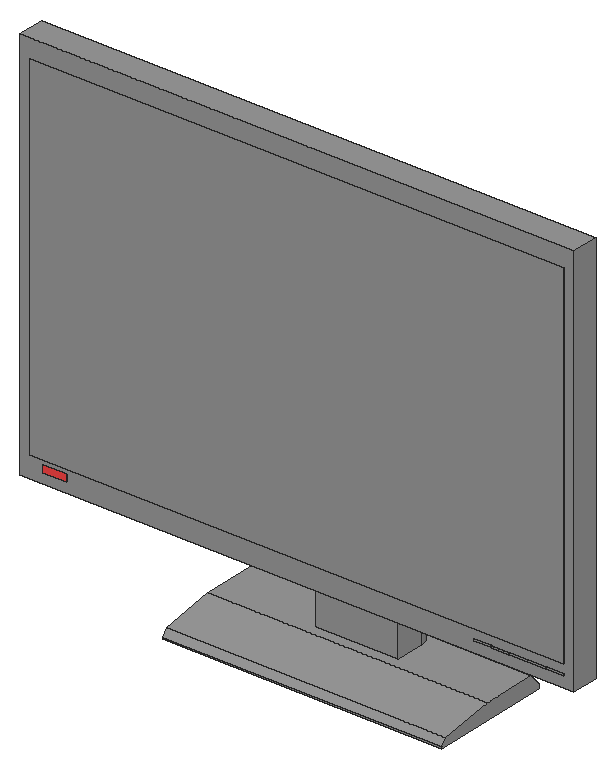
Revit family "Монитор", category Оборудование, Revit 2017
Family settings
  Размер круглого соединителя = Использовать радиус
  Тип детали = Вставляется
  На основе рабочей плоскости = Нет
  Всегда вертикально = Да
  При загрузке вырезать с полостями = Нет
  Общий = Да
  Точка расчета площади = Нет
Parameters (values of type "Монитор системы видеонаблюдения")
  Общ_Тип, марка = ""
  Общ_Примечание = "Учтено в разделе СС"
  Общ_Поставщик = ""
  Общ_Позиция = ""
  Общ_Напряжение = 220 V
  Общ_Наименование = "Монитор системы видеонаблюдения"
  Общ_Мощность номинальная = 50 W
  Общ_Масса = ""
  Общ_Код продукции = ""
  Общ_Задание = "СС, ЭМ"
  Общ_Единицы измерения = "шт."
  Keynote = ""
Types (2, lengths in mm): name | Общ_Примечание | Общ_Наименование
  Монитор | "" | "Монитор"
  Монитор системы видеонаблюдения | "Учтено в разделе СС" | "Монитор системы видеонаблюдения"
Reference planes
  plane 1 "По центру (Вперед/Назад)": y = 0
  plane 2: z = 0
  plane 3 "По центру (Влево/Вправо)": x = 0
Forms (mm)
  Extrusion 1, solid, material "Пластмасса, непрозрачная, черная", detail levels fine
    sketch origin (35.591, -0.256, -244.79) x (-1, 0, 0) y (0, 0, 1)
      loop
        line (-202.288, 670.678) -> (-202.288, 332.01) -> (272.712, 332.01) -> (272.712, 670.678) -> (-202.288, 670.678)
    from 0 to 23.225
  Extrusion 2, solid, material "Пластмасса, непрозрачная, черная", detail levels fine
    sketch origin (4.431, -1.256, -244.79) x (0, -1, 0) y (0, 0, 1)
      loop
        line (-23.225, 573.618) -> (-40.077, 569.103) -> (-40.077, 467.092) -> (-65, 467.092) -> (-65, 417.092) -> (-40.077, 417.092) -> (-40.077, 385.723) -> (-23.225, 382.751) -> (-23.225, 573.618)
    from -159.187 to 166.764
  Extrusion 3, solid, material "Пластмасса, непрозрачная, черная", detail levels fine
    sketch origin (-3.739, -22.108, -247.922) x (0, -1, 0) y (0, 0, 1)
      loop
        line (-83.272, 470.225) -> (-60.929, 470.225) -> (-60.929, 572.324) -> (-63.702, 568.119) -> (-63.702, 475.225) -> (-64.671, 475.225) -> (-64.671, 568.066) -> (-66.948, 568.066) -> (-66.948, 475.225) -> (-67.917, 475.225) -> (-67.917, 565.225) -> (-70.195, 565.225) -> (-70.195, 475.225) -> (-71.152, 475.225) -> (-71.152, 563.19) -> (-73.43, 563.19) -> (-73.43, 475.225) -> (-74.448, 475.225) -> (-74.448, 561.201) -> (-76.726, 561.201) -> (-76.726, 475.225) -> (-77.702, 475.225) -> (-77.702, 559.212) -> (-79.98, 559.212) -> (-79.98, 475.225) -> (-80.994, 475.225) -> (-80.994, 557.223) -> (-83.272, 557.223) -> (-83.272, 470.225)
    from -147.791 to 140.882
  Extrusion 4, solid, material "Пластмасса, непрозрачная, черная", detail levels fine
    sketch origin (2.493, -18.346, -750) x (-1, 0, 0) y (0, -1, 0)
      loop
        line (-47.886, -81.852) -> (-47.886, -122.852)
        arc (-47.886, -122.852) -> (-43.492, -133.459) -> (-32.886, -137.852) r 15
        line (-32.886, -137.852) -> (33.114, -137.852)
        arc (33.114, -137.852) -> (43.721, -133.459) -> (48.114, -122.852) r 15
        line (48.114, -122.852) -> (48.114, -81.852) -> (-47.886, -81.852)
    from 922.303 to 972.303
  Extrusion 5, solid, material "Пластмасса, непрозрачная, черная", detail levels fine
    sketch origin (0.379, -0.256, -750) x (-1, 0, 0) y (0, -1, 0)
      loop
        line (-35.217, -64.183) -> (-35.217, -89.183)
        arc (-35.217, -89.183) -> (-30.823, -99.789) -> (-20.217, -104.183) r 15
        line (-20.217, -104.183) -> (19.783, -104.183)
        arc (19.783, -104.183) -> (30.39, -99.789) -> (34.783, -89.183) r 15
        line (34.783, -89.183) -> (34.783, -64.183) -> (-35.217, -64.183)
    from 757.689 to 1002.464
  Extrusion 6, solid, material "Пластмасса, непрозрачная, черная", detail levels fine
    sketch origin (-6.149, -3.584, -236.855) x (0, -1, 0) y (0, 0, 1)
      loop
        line (-105.114, 250.537) -> (-113.328, 240.537) -> (-113.328, 236.855) -> (-9.088, 236.855) -> (-9.088, 237.659) -> (-14.182, 242.753) -> (-58.328, 250.537) -> (-105.114, 250.537)
    from -125.77 to 113.472
  Extrusion 7, solid, material "Пластмасса, непрозрачная, черная", detail levels fine
    sketch origin (16.684, -0.256, -240.619) x (-1, 0, 0) y (0, 0, 1)
      loop
        line (-135.047, 338.876) -> (-150.047, 338.876) -> (-150.047, 337.376) -> (-135.047, 337.376) -> (-135.047, 338.876)
    from -0.253 to 4.037
  Extrusion 8, solid, material "Пластмасса, непрозрачная, черная", detail levels fine
    sketch origin (32.331, -0.256, -240.619) x (-1, 0, 0) y (0, 0, 1)
      loop
        line (-135.047, 338.876) -> (-150.047, 338.876) -> (-150.047, 337.376) -> (-135.047, 337.376) -> (-135.047, 338.876)
    from -0.253 to 4.037
  Extrusion 9, solid, material "Пластмасса, непрозрачная, черная", detail levels fine
    sketch origin (47.979, -0.256, -240.619) x (-1, 0, 0) y (0, 0, 1)
      loop
        line (-135.047, 338.876) -> (-150.047, 338.876) -> (-150.047, 337.376) -> (-135.047, 337.376) -> (-135.047, 338.876)
    from -0.253 to 4.037
  Extrusion 10, solid, material "Пластмасса, непрозрачная, черная", detail levels fine
    sketch origin (63.627, -0.256, -240.619) x (-1, 0, 0) y (0, 0, 1)
      loop
        line (-135.047, 338.876) -> (-150.047, 338.876) -> (-150.047, 337.376) -> (-135.047, 337.376) -> (-135.047, 338.876)
    from -0.253 to 4.037
  Extrusion 11, solid, material "Пластмасса, непрозрачная, черная", detail levels fine
    sketch origin (79.274, -0.256, -240.619) x (-1, 0, 0) y (0, 0, 1)
      loop
        line (-135.047, 338.876) -> (-150.047, 338.876) -> (-150.047, 337.376) -> (-135.047, 337.376) -> (-135.047, 338.876)
    from -0.253 to 4.037
  Extrusion 12, solid, material "Стекло, матовое", detail levels fine
    sketch origin (0.379, -0.256, -750) x (-1, 0, 0) y (0, 0, 1)
      loop
        line (228.66, 1159.625) -> (-228.66, 1159.625) -> (-228.66, 855.888) -> (228.66, 855.888) -> (228.66, 1159.625)
    from 0 to 9.088
  Extrusion 13, solid, material "Типовые", detail levels fine
    sketch origin (0.379, -0.256, -750) x (-1, 0, 0) y (0, 0, 1)
      loop
        line (217.541, 851.698) -> (197.541, 851.698) -> (197.541, 845.698) -> (217.541, 845.698) -> (217.541, 851.698)
    from -0.085 to 5.76
  Extrusion 14, solid, material "Пластмасса, непрозрачная, черная", not visible
    sketch origin (309.748, 38.656, 509.381) x (1, 0, 0) y (0, 0, 1)
      loop
        line (-135.047, 338.876) -> (-150.047, 338.876) -> (-150.047, 337.376) -> (-135.047, 337.376) -> (-135.047, 338.876)
    from -0.253 to 4.037
Lines and regions (mm)
  symbolic lines, detail levels coarse+medium
    curve 1: line (-237.121, 22.969, 0) -> (237.879, 22.969, 0)
    curve 2: line (-237.121, -0.256, 0) -> (-237.121, 22.969, 0)
    curve 3: line (237.879, -0.256, 0) -> (-237.121, -0.256, 0)
    curve 4: line (237.879, 22.969, 0) -> (237.879, -0.256, 0)
    curve 5: line (-162.333, 22.969, 0) -> (163.618, 22.969, 0)
    curve 6: line (-162.333, 63.744, 0) -> (-162.333, 22.969, 0)
    curve 7: line (163.618, 63.744, 0) -> (-162.333, 63.744, 0)
    curve 8: line (163.618, 22.969, 0) -> (163.618, 63.744, 0)
    curve 9: line (119.621, 63.744, 0) -> (-119.621, 63.744, 0)
    curve 10: line (119.621, 109.744, 0) -> (119.621, 63.744, 0)
    curve 11: line (-119.621, 109.744, 0) -> (119.621, 109.744, 0)
    curve 12: line (-119.621, 63.744, 0) -> (-119.621, 109.744, 0)
Dimensions and locks
  Extrusion 1 sketch curve to Extrusion 1 sketch curve = 475.0 mm  (x2)
  Extrusion 1 sketch curve to Extrusion 1 sketch curve = 338.668 mm
  Extrusion 1 to Extrusion 2 sketch curve = 64.0 mm
  aligned and locked: level to plane 2
